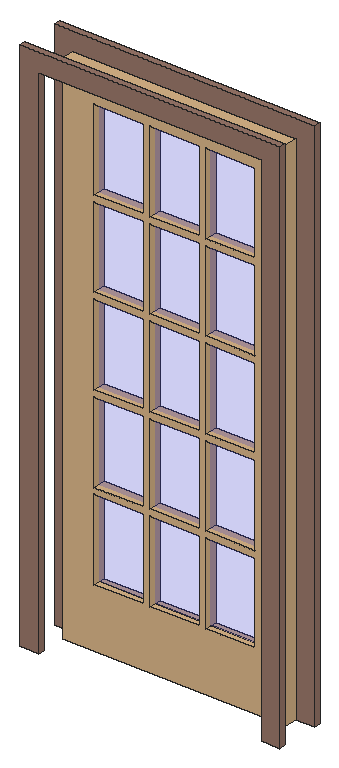
Revit family "0053_M_DR_W_single-fixed-glass 2", category 문, Revit 2026
Family settings
  호스트 = 벽
  항상 수직 = 예
  로드될 때 보이드를 사용하여 절단 = 아니오
  공유 = 아니오
  룸 계산 점 = 아니오
Parameters (values of type "36" x 84"")
  두께 = 0' - 2"
  기능 = 내부
  Muntin = 0' - 1"
  조합 코드 = "C1020"
  Door Material = Door - Panel
  Frame Material = Door - Frame
  Height = 7' - 0"
  Rail Width - Base = 0' - 9 1/2"
  Rail Width - Top = 0' - 5"
  Stile Width - Hinge = 0' - 5"
  Stile Width - Latch = 0' - 5"
  Trim Projection Ext = 0' - 1"
  Trim Projection Int = 0' - 1"
  Trim Width = 0' - 3"
  벽 마무리 = 호스트별
  Width = 3' - 0"
Types (8): name | 두께 | Muntin | 조합 코드 | Height | Rail Width - Base | Rail Width - Top | Stile Width - Hinge | Stile Width - Latch | Trim Projection Ext | Trim Projection Int | Trim Width | Width
  36" x 84" | 0' - 2" | 0' - 1" | "C1020" | 7' - 0" | 0' - 9 1/2" | 0' - 5" | 0' - 5" | 0' - 5" | 0' - 1" | 0' - 1" | 0' - 3" | 3' - 0"
  34" x 84" | 0' - 2" | 0' - 1" | "C1020" | 7' - 0" | 0' - 9 1/2" | 0' - 5" | 0' - 5" | 0' - 5" | 0' - 1" | 0' - 1" | 0' - 3" | 2' - 10"
  32" x 84" | 0' - 2" | 0' - 1" | "C1020" | 7' - 0" | 0' - 9 1/2" | 0' - 5" | 0' - 5" | 0' - 5" | 0' - 1" | 0' - 1" | 0' - 3" | 2' - 8"
  30" x 84" | 0' - 2" | 0' - 1" | "C1020" | 7' - 0" | 0' - 9 1/2" | 0' - 5" | 0' - 5" | 0' - 5" | 0' - 1" | 0' - 1" | 0' - 3" | 2' - 6"
  30" x 80" | 0' - 2" | 0' - 1" | "C1020" | 6' - 8" | 0' - 9 1/2" | 0' - 5" | 0' - 5" | 0' - 5" | 0' - 1" | 0' - 1" | 0' - 3" | 2' - 6"
  36" x 80" | 0' - 2" | 0' - 1" | "C1020" | 6' - 8" | 0' - 9 1/2" | 0' - 5" | 0' - 5" | 0' - 5" | 0' - 1" | 0' - 1" | 0' - 3" | 3' - 0"
  34" x 80" | 0' - 2" | 0' - 1" | "C1020" | 6' - 8" | 0' - 9 1/2" | 0' - 5" | 0' - 5" | 0' - 5" | 0' - 1" | 0' - 1" | 0' - 3" | 2' - 10"
  0915 x 2134mm | 0' - 1.9685" | 0' - 0.98425" | 0' - 0" | 7' - 0.01575" | 0' - 9.44882" | 0' - 4.92126" | 0' - 4.92126" | 0' - 4.92126" | 0' - 0.98425" | 0' - 0.98425" | 0' - 2.95276" | 3' - 0.02362"
Reference planes (in)
  plane 1: y = 0
  plane 2: z = 0
  plane 3: x = 0
  plane 4: x = -18
  plane 5: x = 18
  plane 6: z = 84
  plane 7: y = 2.125
  plane 8: z = 79
  plane 9: z = 9.5
  plane 10: x = -13
  plane 11: x = 13
  plane 12: x = 4
  plane 13: x = -5
  plane 14: x = -14
  plane 15: x = 5
  plane 16: x = -4
  plane 17: z = 65.9
  plane 18: z = 64.9
  plane 19: z = 51.8
  plane 20: z = 50.8
  plane 21: z = 37.7
  plane 22: z = 36.7
  plane 23: z = 23.6
  plane 24: z = 22.6
  plane 25: z = 80
Forms (in)
  Extrusion 1, solid, material "Door - Panel" <- "Door Material"
    sketch origin (0, 0, 0) x (1, 0, 0) y (0, 0, 1)
      loop
        line (-18, 84) -> (-18, 0) -> (18, 0) -> (18, 84) -> (-18, 84)
      loop
        line (13, 79) -> (5, 79) -> (5, 65.9) -> (13, 65.9) -> (13, 79)
      loop
        line (13, 9.5) -> (13, 22.6) -> (5, 22.6) -> (5, 9.5) -> (13, 9.5)
      loop
        line (-13, 79) -> (-13, 65.9) -> (-5, 65.9) -> (-5, 79) -> (-13, 79)
      loop
        line (4, 9.5) -> (4, 22.6) -> (-4, 22.6) -> (-4, 9.5) -> (4, 9.5)
      loop
        line (-4, 79) -> (-4, 65.9) -> (4, 65.9) -> (4, 79) -> (-4, 79)
      loop
        line (13, 64.9) -> (5, 64.9) -> (5, 51.8) -> (13, 51.8) -> (13, 64.9)
      loop
        line (13, 37.7) -> (13, 50.8) -> (5, 50.8) -> (5, 37.7) -> (13, 37.7)
      loop
        line (13, 36.7) -> (5, 36.7) -> (5, 23.6) -> (13, 23.6) -> (13, 36.7)
      loop
        line (-5, 9.5) -> (-5, 22.6) -> (-13, 22.6) -> (-13, 9.5) -> (-5, 9.5)
      loop
        line (-13, 36.7) -> (-13, 23.6) -> (-5, 23.6) -> (-5, 36.7) -> (-13, 36.7)
      loop
        line (4, 23.6) -> (4, 36.7) -> (-4, 36.7) -> (-4, 23.6) -> (4, 23.6)
      loop
        line (4, 37.7) -> (4, 50.8) -> (-4, 50.8) -> (-4, 37.7) -> (4, 37.7)
      loop
        line (-5, 37.7) -> (-5, 50.8) -> (-13, 50.8) -> (-13, 37.7) -> (-5, 37.7)
      loop
        line (4, 51.8) -> (4, 64.9) -> (-4, 64.9) -> (-4, 51.8) -> (4, 51.8)
      loop
        line (-5, 51.8) -> (-5, 64.9) -> (-13, 64.9) -> (-13, 51.8) -> (-5, 51.8)
    from -3 to -1
  Extrusion 2, solid, material "Glass"
    sketch origin (0, 0, 0) x (1, 0, 0) y (0, 0, 1)
      loop
        line (13, 79) -> (-13, 79) -> (-13, 9.5) -> (13, 9.5) -> (13, 79)
    from -1.875 to -2.125
  Extrusion 3, solid, material "Door - Frame" <- "Frame Material"
    sketch origin (-84.47493, 3, 0) x (-1, 0, 0) y (0, 0, 1)
      loop
        line (-102.47493, 0) -> (-102.47493, 84) -> (-66.47493, 84) -> (-66.47493, 0) -> (-63.47493, 0) -> (-63.47493, 87) -> (-105.47493, 87) -> (-105.47493, 0) -> (-102.47493, 0)
    from 0 to 1
  Extrusion 4, solid, material "Door - Frame" <- "Frame Material"
    sketch origin (-84.47493, -3, 0) x (1, 0, 0) y (0, 0, 1)
      loop
        line (102.47493, 0) -> (105.47493, 0) -> (105.47493, 87) -> (63.47493, 87) -> (63.47493, 0) -> (66.47493, 0) -> (66.47493, 84) -> (102.47493, 84) -> (102.47493, 0)
    from 0 to 1
Lines and regions (in)
  Opening 1
    outline origin (-60, -3, 144) x (0, 0, -1) y (1, 0, 0)
      loop
        line (60, 42) -> (144, 42) -> (144, 78) -> (60, 78) -> (60, 42)
  symbolic lines, style "DoorsGlassProjection"
    curve 1: line (13, 0, 79) -> (13, 0, 9.5)
    curve 2: line (13, 0, 79) -> (-13, 0, 79)
    curve 3: line (-13, 0, 79) -> (-13, 0, 9.5)
    curve 4: line (13, 0, 9.5) -> (-13, 0, 9.5)
    curve 13: line (-13, 2, 0) -> (13, 2, 0)
  symbolic lines, style "DoorsPanelProjection"
    curve 5: line (-18, 3, 0) -> (-13, 3, 0)
    curve 6: line (-18, 1, 0) -> (-18, 3, 0)
    curve 7: line (-13, 1, 0) -> (-18, 1, 0)
    curve 8: line (-13, 3, 0) -> (-13, 1, 0)
    curve 9: line (18, 3, 0) -> (13, 3, 0)
    curve 10: line (18, 1, 0) -> (18, 3, 0)
    curve 11: line (13, 1, 0) -> (18, 1, 0)
    curve 12: line (13, 3, 0) -> (13, 1, 0)
Dimensions and locks (in)
  equal spacing: plane 4, plane 3, plane 5
  "Width": plane 4 to plane 5
  control icon elem to host wall = 1' - 6"
  control icon elem to plane 5 = 1' - 0"
  "Height": plane 6 to plane 2
  "Trim Width": Extrusion 3 sketch curve to Extrusion 1  (x3)
  "Trim Width": plane 4 to Extrusion 4 sketch curve
  "Trim Width": plane 5 to Extrusion 4 sketch curve
  "Trim Width": plane 6 to Extrusion 4 sketch curve
  "Trim Projection Int": Extrusion 4 to Extrusion 4
  locked: host wall to Extrusion 3
  locked: host wall to Extrusion 1
  "두께": Extrusion 1 to host wall
  "Trim Projection Ext": Extrusion 3 to host wall
  locked: host wall to plane 7 at 0.875
  locked: Extrusion 2 to Extrusion 2 at 0.25
  "Stile Width - Hinge": plane 11 to plane 5
  "Stile Width - Latch": plane 10 to plane 4
  "Rail Width - Base": plane 2 to plane 9
  "Rail Width - Top": plane 8 to plane 6
  equal spacing: plane 11, plane 12, plane 13, plane 14
  "Muntin": plane 10 to plane 14
  "Muntin": plane 16 to plane 13
  "Muntin": plane 15 to plane 12
  "Muntin": plane 8 to plane 25
  "Muntin": plane 18 to plane 17
  "Muntin": plane 20 to plane 19
  "Muntin": plane 22 to plane 21
  "Muntin": plane 24 to plane 23
  equal spacing: plane 9, plane 23, plane 21, plane 19, plane 17, plane 25
  aligned and locked: curve 1 to Extrusion 1 sketch curve
  aligned and locked: Extrusion 1 sketch curve to curve 1
  aligned and locked: curve 2 to Extrusion 2 sketch curve
  aligned and locked: curve 1 to Extrusion 2 sketch curve
  aligned and locked: Extrusion 2 sketch curve to curve 2
  aligned and locked: Extrusion 2 sketch curve to curve 1
  aligned and locked: host wall to Extrusion 1  (x3)
  aligned and locked: plane 6 to Extrusion 3 sketch curve
  aligned and locked: Extrusion 3 sketch curve to plane 2
  aligned and locked: plane 2 to Extrusion 3 sketch curve
  aligned and locked: plane 5 to Extrusion 3 sketch curve
  aligned and locked: Extrusion 3 to host wall  (x3)
  aligned and locked: plane 6 to Extrusion 4 sketch curve
  aligned and locked: plane 2 to Extrusion 4 sketch curve  (x2)
  aligned and locked: level to Extrusion 4 sketch curve
  aligned and locked: Extrusion 4 to host wall
  aligned and locked: Extrusion 3 sketch curve to Extrusion 1
  aligned and locked: Extrusion 4 sketch curve to Extrusion 1
  aligned and locked: Extrusion 1 to Extrusion 4 sketch curve
  aligned and locked: Extrusion 2 to plane 7
  aligned and locked: Extrusion 1 sketch curve to plane 11
  aligned and locked: Extrusion 1 sketch curve to plane 10
  aligned and locked: Extrusion 1 sketch curve to plane 12
  aligned and locked: plane 15 to Extrusion 1 sketch curve
  aligned and locked: plane 13 to Extrusion 1 sketch curve
  aligned and locked: plane 16 to Extrusion 1 sketch curve
  aligned and locked: plane 23 to Extrusion 1 sketch curve
  aligned and locked: plane 24 to Extrusion 1 sketch curve
  aligned and locked: plane 22 to Extrusion 1 sketch curve
  aligned and locked: plane 21 to Extrusion 1 sketch curve
  aligned and locked: plane 18 to Extrusion 1 sketch curve
  aligned and locked: Extrusion 1 sketch curve to plane 17
  aligned and locked: Extrusion 1 sketch curve to Extrusion 1 sketch curve  (x2)
  aligned and locked: host wall to curve 5
  aligned and locked: curve 5 to Extrusion 1
  aligned and locked: curve 8 to Extrusion 1  (x2)
  aligned and locked: curve 9 to host wall
  aligned and locked: curve 9 to Extrusion 1
  aligned and locked: curve 12 to Extrusion 1  (x2)
Automatic sketch dimensions
  Opening 1 sketch curve to plane 6 = 0' - 0"
  Opening 1 sketch curve to level = 0' - 0"
  Opening 1 sketch curve to plane 4 = 0' - 0"
  Opening 1 sketch curve to plane 5 = 0' - 0"
  Extrusion 4 sketch curve to plane 5 = 0' - 0"
  curve 3 to plane 10 = 0' - 0"
  curve 2 to plane 11 = 0' - 0"
  curve 2 to plane 8 = 0' - 0"
  curve 3 to plane 9 = 0' - 0"
  Extrusion 1 sketch curve to level = 0' - 0"
  Extrusion 1 sketch curve to plane 4 = 0' - 0"
  Extrusion 1 sketch curve to plane 10 = 0' - 0"  (x4)
  Extrusion 1 sketch curve to plane 13 = 0' - 0"  (x4)
  Extrusion 1 sketch curve to plane 9 = 0' - 0"  (x2)
  Extrusion 1 sketch curve to plane 16 = 0' - 0"  (x4)
  Extrusion 1 sketch curve to plane 12 = 0' - 0"  (x4)
  Extrusion 1 sketch curve to plane 15 = 0' - 0"  (x4)
  Extrusion 1 sketch curve to plane 11 = 0' - 0"  (x4)
  Extrusion 1 sketch curve to plane 5 = 0' - 0"
  Extrusion 1 sketch curve to plane 24 = 0' - 0"  (x2)
  Extrusion 1 sketch curve to plane 23 = 0' - 0"  (x2)
  Extrusion 1 sketch curve to plane 22 = 0' - 0"  (x2)
  Extrusion 1 sketch curve to plane 21 = 0' - 0"  (x2)
  Extrusion 1 sketch curve to plane 20 = 0' - 0"  (x3)
  Extrusion 1 sketch curve to plane 19 = 0' - 0"  (x3)
  Extrusion 1 sketch curve to plane 18 = 0' - 0"  (x2)
  Extrusion 1 sketch curve to plane 8 = 0' - 0"  (x2)
  Extrusion 1 sketch curve to plane 6 = 0' - 0"
  plane 7 to curve 13 = 0' - 0 1/8"
